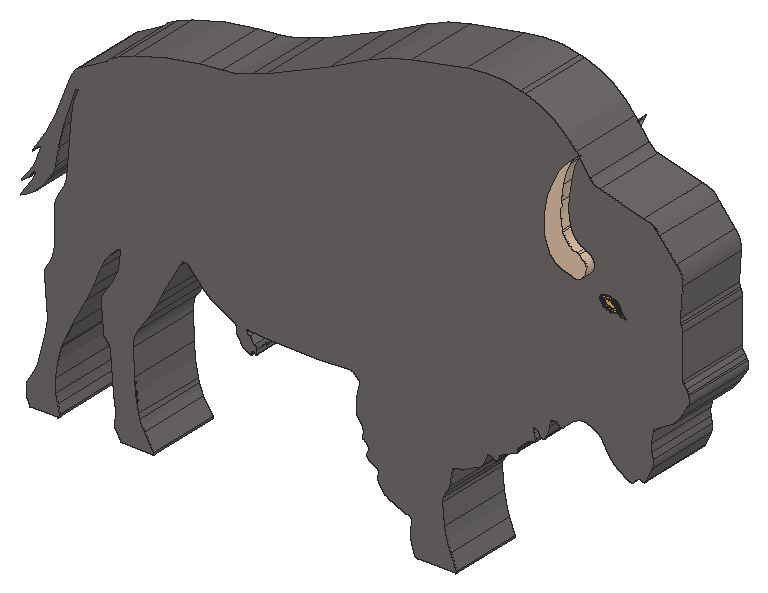
Revit family (continued)
Automatic sketch dimensions
  Extrusion 1 sketch curve to plane 3 "Center (Left/Right)" = 0' - 7.21734"
  Extrusion 1 sketch curve to Extrusion 1 sketch curve = 0' - 0.12269"
  Extrusion 1 sketch curve to Extrusion 1 sketch curve = 0' - 5.01333"
  Extrusion 1 sketch curve to Extrusion 1 sketch curve = 0' - 0.1039"
  Extrusion 1 sketch curve to Extrusion 1 sketch curve = 0' - 0.47545"
  Extrusion 1 sketch curve to Extrusion 1 sketch curve = 0' - 0.24148"
  Extrusion 1 sketch curve to Extrusion 1 sketch curve = 0' - 0.17678"  (x2)
  Extrusion 1 sketch curve to Extrusion 1 sketch curve = 0' - 0.94063"
  Extrusion 1 sketch curve to Extrusion 1 sketch curve = 0' - 0.5007"
  Extrusion 1 sketch curve to Extrusion 1 sketch curve = 0' - 0.26166"
  Extrusion 1 sketch curve to Extrusion 1 sketch curve = 0' - 0.05428"
  Extrusion 1 sketch curve to Extrusion 1 sketch curve = 0' - 0.07677"
  Extrusion 1 sketch curve to Extrusion 1 sketch curve = 0' - 2.28114"
  Extrusion 1 sketch curve to Extrusion 1 sketch curve = 0' - 2.56117"
  Extrusion 1 sketch curve to plane 3 "Center (Left/Right)" = 0' - 1.47412"
  plane 3 "Center (Left/Right)" to Extrusion 1 sketch curve = 0' - 0.44205"
  plane 3 "Center (Left/Right)" to Extrusion 1 sketch curve = 0' - 3.96475"
  Extrusion 1 sketch curve to plane 4 = 0' - 1.87493"
  plane 3 "Center (Left/Right)" to Extrusion 1 sketch curve = 0' - 5.57679"
  Extrusion 1 sketch curve to Extrusion 1 sketch curve = 0' - 5.09944"
  Extrusion 1 sketch curve to Extrusion 1 sketch curve = 0' - 0.06135"
  Extrusion 1 sketch curve to Extrusion 1 sketch curve = 0' - 0.68327"
  Extrusion 1 sketch curve to Extrusion 1 sketch curve = 0' - 0.74958"
  Extrusion 1 sketch curve to Extrusion 1 sketch curve = 0' - 0.18947"
  Extrusion 1 sketch curve to Extrusion 1 sketch curve = 0' - 0.03345"
  Extrusion 1 sketch curve to Extrusion 1 sketch curve = 0' - 0.41534"
  Extrusion 1 sketch curve to Extrusion 1 sketch curve = 0' - 0.22732"
  Extrusion 1 sketch curve to Extrusion 1 sketch curve = 0' - 0.2597"
  Extrusion 1 sketch curve to Extrusion 1 sketch curve = 0' - 0.53033"
  Extrusion 1 sketch curve to Extrusion 1 sketch curve = 0' - 0.19411"  (x2)
  Extrusion 1 sketch curve to Extrusion 1 sketch curve = 0' - 0.71303"
  Extrusion 1 sketch curve to Extrusion 1 sketch curve = 0' - 0.74797"
  Extrusion 1 sketch curve to Extrusion 1 sketch curve = 0' - 0.10925"
  Extrusion 1 sketch curve to Extrusion 1 sketch curve = 0' - 0.13885"
  Extrusion 1 sketch curve to Extrusion 1 sketch curve = 0' - 1.1763"
  Extrusion 1 sketch curve to Extrusion 1 sketch curve = 0' - 0.4924"  (x2)
  Extrusion 1 sketch curve to Extrusion 1 sketch curve = 0' - 0.49637"
  Extrusion 1 sketch curve to Extrusion 1 sketch curve = 0' - 0.03524"
  Extrusion 1 sketch curve to Extrusion 1 sketch curve = 0' - 0.10574"
  Extrusion 1 sketch curve to Extrusion 1 sketch curve = 0' - 0.21201"
  Extrusion 1 sketch curve to Extrusion 1 sketch curve = 0' - 0.25135"
  plane 4 to Extrusion 1 sketch curve = 0' - 1.42039"
  Extrusion 1 sketch curve to Extrusion 1 sketch curve = 0' - 6.46742"
  Extrusion 1 sketch curve to Extrusion 1 sketch curve = 0' - 0.30144"
  Extrusion 1 sketch curve to Extrusion 1 sketch curve = 0' - 0.5017"  (x2)
  Extrusion 1 sketch curve to Extrusion 1 sketch curve = 0' - 0.92459"
  Extrusion 1 sketch curve to Extrusion 1 sketch curve = 0' - 0.16809"
  Extrusion 1 sketch curve to Extrusion 1 sketch curve = 0' - 0.33646"
  Extrusion 1 sketch curve to Extrusion 1 sketch curve = 0' - 0.24361"
  level to Extrusion 1 sketch curve = 0' - 8.93947"
  Extrusion 1 sketch curve to Extrusion 1 sketch curve = 0' - 0.1351"
  Extrusion 1 sketch curve to Extrusion 1 sketch curve = 0' - 0.39234"
  Extrusion 1 sketch curve to Extrusion 1 sketch curve = 0' - 0.80314"
  Extrusion 1 sketch curve to Extrusion 1 sketch curve = 0' - 2.47795"
  Extrusion 1 sketch curve to Extrusion 1 sketch curve = 0' - 0.86626"
  level to Extrusion 1 sketch curve = 0' - 7.20323"
  Extrusion 1 sketch curve to Extrusion 1 sketch curve = 0' - 0.5948"
  Extrusion 1 sketch curve to Extrusion 1 sketch curve = 0' - 0.63393"
  Extrusion 1 sketch curve to Extrusion 1 sketch curve = 0' - 5.19267"
  Extrusion 1 sketch curve to Extrusion 1 sketch curve = 0' - 2.57738"
  Extrusion 1 sketch curve to Extrusion 1 sketch curve = 0' - 0.48469"
  Extrusion 1 sketch curve to Extrusion 1 sketch curve = 0' - 0.35087"
  level to Extrusion 1 sketch curve = 0' - 3.53458"
  Extrusion 1 sketch curve to Extrusion 1 sketch curve = 0' - 0.33924"
  Extrusion 1 sketch curve to Extrusion 1 sketch curve = 0' - 0.15134"
  level to Extrusion 1 sketch curve = 0' - 5.35035"
  Extrusion 1 sketch curve to Extrusion 1 sketch curve = 0' - 0.4981"
  plane 4 to Extrusion 1 sketch curve = 0' - 3.9257"
  Extrusion 1 sketch curve to Extrusion 1 sketch curve = 0' - 7.07477"
  level to Extrusion 1 sketch curve = 0' - 0.74118"
  Extrusion 1 sketch curve to Extrusion 1 sketch curve = 0' - 0.28497"
  Extrusion 1 sketch curve to Extrusion 1 sketch curve = 0' - 0.96593"
  Extrusion 1 sketch curve to Extrusion 1 sketch curve = 0' - 4.35769"
  Extrusion 1 sketch curve to Extrusion 1 sketch curve = 0' - 3.57873"
  Extrusion 1 sketch curve to Extrusion 1 sketch curve = 0' - 1.60055"
  Extrusion 1 sketch curve to Extrusion 1 sketch curve = 0' - 0.18309"
  level to Extrusion 1 sketch curve = 0' - 6.3762"
  Extrusion 1 sketch curve to Extrusion 1 sketch curve = 0' - 0.64183"
  level to Extrusion 1 sketch curve = 0' - 11.42145"
  Extrusion 1 sketch curve to Extrusion 1 sketch curve = 0' - 0.54849"
  Extrusion 1 sketch curve to plane 4 = 2' - 0.19605"
  level to Extrusion 1 sketch curve = 1' - 0.40119"
  Extrusion 1 sketch curve to Extrusion 1 sketch curve = 0' - 0.37609"
  Extrusion 1 sketch curve to Extrusion 1 sketch curve = 0' - 1.24315"
  level to Extrusion 1 sketch curve = 0' - 2.73015"
  Extrusion 1 sketch curve to Extrusion 1 sketch curve = 0' - 1.55089"
  Extrusion 1 sketch curve to Extrusion 1 sketch curve = 0' - 0.45786"
  Extrusion 1 sketch curve to Extrusion 1 sketch curve = 0' - 0.06232"
  level to Extrusion 1 sketch curve = 1' - 3.35179"
  Extrusion 1 sketch curve to Extrusion 1 sketch curve = 0' - 0.34182"
  Extrusion 1 sketch curve to Extrusion 1 sketch curve = 0' - 0.09148"
  Extrusion 1 sketch curve to Extrusion 1 sketch curve = 0' - 0.83025"
  level to Extrusion 1 sketch curve = 0' - 0.25294"
  Extrusion 1 sketch curve to Extrusion 1 sketch curve = 0' - 0.17061"
  level to Extrusion 1 sketch curve = 1' - 3.52155"
  Extrusion 1 sketch curve to Extrusion 1 sketch curve = 0' - 0.79866"
  level to Extrusion 1 sketch curve = 1' - 3.93305"
  Extrusion 1 sketch curve to Extrusion 1 sketch curve = 0' - 1.19509"
  plane 4 to Extrusion 1 sketch curve = 0' - 5.8292"
  Extrusion 1 sketch curve to Extrusion 1 sketch curve = 0' - 8.95528"
  Extrusion 1 sketch curve to Extrusion 1 sketch curve = 0' - 1.66242"
  Extrusion 1 sketch curve to Extrusion 1 sketch curve = 0' - 0.52784"
  level to Extrusion 1 sketch curve = 1' - 5.57467"
  Extrusion 1 sketch curve to Extrusion 1 sketch curve = 0' - 0.56344"
  Extrusion 1 sketch curve to Extrusion 1 sketch curve = 0' - 0.73022"
  Extrusion 1 sketch curve to Extrusion 1 sketch curve = 0' - 0.31337"
  Extrusion 1 sketch curve to Extrusion 1 sketch curve = 0' - 0.14613"  (x2)
  Extrusion 1 sketch curve to Extrusion 1 sketch curve = 0' - 7.08407"
  Extrusion 1 sketch curve to Extrusion 1 sketch curve = 0' - 0.89068"
  Extrusion 1 sketch curve to Extrusion 1 sketch curve = 0' - 0.07247"
  level to Extrusion 1 sketch curve = 1' - 6.97549"
  Extrusion 1 sketch curve to Extrusion 1 sketch curve = 0' - 0.15542"
  Extrusion 1 sketch curve to Extrusion 1 sketch curve = 0' - 0.30614"
  level to Extrusion 1 sketch curve = 1' - 8.10819"
  Extrusion 1 sketch curve to Extrusion 1 sketch curve = 0' - 0.46794"
  Extrusion 1 sketch curve to Extrusion 1 sketch curve = 0' - 2.15576"
  Extrusion 1 sketch curve to Extrusion 1 sketch curve = 0' - 0.90631"
  Extrusion 1 sketch curve to Extrusion 1 sketch curve = 0' - 2.44392"
  Extrusion 1 sketch curve to Extrusion 1 sketch curve = 0' - 0.06965"
  Extrusion 1 sketch curve to Extrusion 1 sketch curve = 0' - 0.15888"
  Extrusion 1 sketch curve to Extrusion 1 sketch curve = 0' - 0.15132"
  Extrusion 1 sketch curve to Extrusion 1 sketch curve = 0' - 0.14327"
  plane 4 to Extrusion 1 sketch curve = 0' - 5.67413"
  Extrusion 1 sketch curve to Extrusion 1 sketch curve = 0' - 8.88421"
  Extrusion 1 sketch curve to Extrusion 1 sketch curve = 0' - 0.51663"
  plane 4 to Extrusion 1 sketch curve = 0' - 5.4533"
  Extrusion 1 sketch curve to Extrusion 1 sketch curve = 0' - 0.88567"
  level to Extrusion 1 sketch curve = 0' - 7.78734"
  Extrusion 1 sketch curve to Extrusion 1 sketch curve = 0' - 1.42711"
  Extrusion 1 sketch curve to Extrusion 1 sketch curve = 0' - 0.88388"  (x2)
  Extrusion 1 sketch curve to Extrusion 1 sketch curve = 0' - 0.10099"
  Extrusion 1 sketch curve to Extrusion 1 sketch curve = 0' - 0.17351"
  Extrusion 1 sketch curve to Extrusion 1 sketch curve = 0' - 0.24454"  (x2)
  level to Extrusion 1 sketch curve = 2' - 1.85471"
  Extrusion 1 sketch curve to Extrusion 1 sketch curve = 0' - 0.19151"
  Extrusion 1 sketch curve to Extrusion 1 sketch curve = 0' - 0.90628"
  Extrusion 1 sketch curve to Extrusion 1 sketch curve = 0' - 0.2908"
  Extrusion 1 sketch curve to Extrusion 1 sketch curve = 0' - 0.32193"
  level to Extrusion 1 sketch curve = 2' - 1.17606"
  Extrusion 1 sketch curve to Extrusion 1 sketch curve = 0' - 0.13545"
  level to Extrusion 1 sketch curve = 2' - 2.95741"
  Extrusion 1 sketch curve to Extrusion 1 sketch curve = 0' - 0.6838"
  Extrusion 1 sketch curve to Extrusion 1 sketch curve = 0' - 0.13663"
  Extrusion 1 sketch curve to Extrusion 1 sketch curve = 0' - 0.26496"
  Extrusion 1 sketch curve to Extrusion 1 sketch curve = 0' - 0.67364"
  Extrusion 1 sketch curve to Extrusion 1 sketch curve = 0' - 0.33871"
  Extrusion 1 sketch curve to Extrusion 1 sketch curve = 0' - 0.41085"
  Extrusion 1 sketch curve to Extrusion 1 sketch curve = 0' - 6.36837"
  Extrusion 1 sketch curve to Extrusion 1 sketch curve = 0' - 1.80081"
  Extrusion 1 sketch curve to plane 4 = 0' - 0.0931"
  Extrusion 1 sketch curve to Extrusion 1 sketch curve = 0' - 8.22288"
  Extrusion 1 sketch curve to Extrusion 1 sketch curve = 0' - 1.34612"
  Extrusion 1 sketch curve to Extrusion 1 sketch curve = 0' - 0.66409"
  Extrusion 1 sketch curve to Extrusion 1 sketch curve = 0' - 2.02792"
  Extrusion 1 sketch curve to plane 4 = 0' - 3.14471"
  Extrusion 1 sketch curve to Extrusion 1 sketch curve = 0' - 2.21712"
  Extrusion 1 sketch curve to Extrusion 1 sketch curve = 0' - 0.94015"
  Extrusion 1 sketch curve to plane 4 = 0' - 4.19661"
  Extrusion 1 sketch curve to Extrusion 1 sketch curve = 0' - 1.55951"
  Extrusion 1 sketch curve to plane 4 = 1' - 8.40025"
  Extrusion 1 sketch curve to Extrusion 1 sketch curve = 0' - 0.04326"
  Extrusion 1 sketch curve to Extrusion 1 sketch curve = 0' - 0.01308"
  Extrusion 1 sketch curve to Extrusion 1 sketch curve = 0' - 0.23226"
  Extrusion 1 sketch curve to plane 4 = 1' - 7.77376"
  Extrusion 1 sketch curve to Extrusion 1 sketch curve = 0' - 0.23549"
  level to Extrusion 1 sketch curve = 2' - 3.99762"
  Extrusion 1 sketch curve to Extrusion 1 sketch curve = 0' - 1.56403"
  Extrusion 1 sketch curve to plane 4 = 1' - 9.15025"
  Extrusion 1 sketch curve to Extrusion 1 sketch curve = 0' - 0.50183"
  Extrusion 1 sketch curve to plane 4 = 0' - 1.5283"
  Extrusion 1 sketch curve to Extrusion 1 sketch curve = 0' - 0.61794"
  Extrusion 1 sketch curve to Extrusion 1 sketch curve = 0' - 0.43331"
  Extrusion 1 sketch curve to Extrusion 1 sketch curve = 0' - 0.76905"
  Extrusion 1 sketch curve to Extrusion 1 sketch curve = 0' - 0.12979"
  Extrusion 1 sketch curve to plane 4 = 1' - 7.36206"
  Extrusion 1 sketch curve to Extrusion 1 sketch curve = 0' - 0.40081"
  Extrusion 1 sketch curve to Extrusion 1 sketch curve = 0' - 0.34987"
  Extrusion 1 sketch curve to Extrusion 1 sketch curve = 0' - 1.08997"
  Extrusion 1 sketch curve to Extrusion 1 sketch curve = 0' - 0.75064"
  Extrusion 1 sketch curve to Extrusion 1 sketch curve = 0' - 0.56644"
  Extrusion 1 sketch curve to plane 4 = 1' - 7.47839"
  Extrusion 1 sketch curve to Extrusion 1 sketch curve = 0' - 0.05203"
  Extrusion 1 sketch curve to Extrusion 1 sketch curve = 0' - 0.06832"
  Extrusion 1 sketch curve to plane 4 = 1' - 9.67875"
  Extrusion 1 sketch curve to Extrusion 1 sketch curve = 0' - 0.65214"
  Extrusion 1 sketch curve to Extrusion 1 sketch curve = 0' - 0.50779"
  Extrusion 1 sketch curve to Extrusion 1 sketch curve = 0' - 0.28058"
  Extrusion 1 sketch curve to Extrusion 1 sketch curve = 0' - 0.29051"
  Extrusion 1 sketch curve to Extrusion 1 sketch curve = 0' - 1.44877"
  Extrusion 1 sketch curve to plane 4 = 1' - 8.39533"
  Extrusion 1 sketch curve to Extrusion 1 sketch curve = 0' - 0.64443"
  Extrusion 1 sketch curve to plane 4 = 1' - 8.62968"
  Extrusion 1 sketch curve to Extrusion 1 sketch curve = 0' - 0.08529"
  Extrusion 1 sketch curve to Extrusion 1 sketch curve = 0' - 0.92598"
  Extrusion 1 sketch curve to plane 4 = 1' - 9.23554"
  Extrusion 1 sketch curve to Extrusion 1 sketch curve = 0' - 0.14228"
  Extrusion 1 sketch curve to Extrusion 1 sketch curve = 0' - 0.55206"
  Extrusion 1 sketch curve to Extrusion 1 sketch curve = 0' - 0.04557"
  Extrusion 1 sketch curve to plane 4 = 1' - 9.8697"
  Extrusion 1 sketch curve to Extrusion 1 sketch curve = 0' - 0.07676"
  Extrusion 1 sketch curve to Extrusion 1 sketch curve = 0' - 1.79947"
  Extrusion 1 sketch curve to Extrusion 1 sketch curve = 0' - 0.37656"
  Extrusion 1 sketch curve to Extrusion 1 sketch curve = 0' - 1.8929"
  Extrusion 1 sketch curve to Extrusion 1 sketch curve = 0' - 0.16999"
  Extrusion 1 sketch curve to Extrusion 1 sketch curve = 0' - 0.50247"
  Extrusion 1 sketch curve to Extrusion 1 sketch curve = 0' - 0.77429"
  Extrusion 1 sketch curve to Extrusion 1 sketch curve = 0' - 0.66177"
  Extrusion 1 sketch curve to Extrusion 1 sketch curve = 0' - 0.25133"
  Extrusion 1 sketch curve to Extrusion 1 sketch curve = 0' - 1.34711"
  level to Extrusion 1 sketch curve = 2' - 0.41761"
  Extrusion 1 sketch curve to Extrusion 1 sketch curve = 0' - 0.15021"
  level to Extrusion 1 sketch curve = 2' - 0.26011"
  Extrusion 1 sketch curve to Extrusion 1 sketch curve = 0' - 0.33777"
  Extrusion 1 sketch curve to plane 4 = 0' - 6.01417"
  Extrusion 1 sketch curve to Extrusion 1 sketch curve = 0' - 1.24243"
  Extrusion 1 sketch curve to Extrusion 1 sketch curve = 0' - 0.15993"
  Extrusion 1 sketch curve to Extrusion 1 sketch curve = 0' - 0.34298"
  Extrusion 1 sketch curve to Extrusion 1 sketch curve = 0' - 1.857"
  Extrusion 1 sketch curve to Extrusion 1 sketch curve = 0' - 0.02331"
  level to Extrusion 1 sketch curve = 2' - 2.72584"
  Extrusion 1 sketch curve to Extrusion 1 sketch curve = 0' - 1.9538"
  Extrusion 1 sketch curve to Extrusion 1 sketch curve = 0' - 0.22836"
  Extrusion 1 sketch curve to Extrusion 1 sketch curve = 0' - 0.29875"
  Extrusion 1 sketch curve to Extrusion 1 sketch curve = 0' - 0.31123"
  level to Extrusion 1 sketch curve = 2' - 8.67602"
  Extrusion 1 sketch curve to Extrusion 1 sketch curve = 0' - 0.28591"
  Extrusion 1 sketch curve to Extrusion 1 sketch curve = 0' - 3.47416"
  Extrusion 1 sketch curve to Extrusion 1 sketch curve = 0' - 0.59937"
  Extrusion 1 sketch curve to Extrusion 1 sketch curve = 0' - 2.69172"
  Extrusion 1 sketch curve to Extrusion 1 sketch curve = 0' - 5.75838"
  level to Extrusion 1 sketch curve = 2' - 10.08677"
  Extrusion 1 sketch curve to Extrusion 1 sketch curve = 0' - 2.34788"
  Extrusion 1 sketch curve to Extrusion 1 sketch curve = 0' - 3.08206"
  Extrusion 1 sketch curve to Extrusion 1 sketch curve = 0' - 2.53622"
  Extrusion 1 sketch curve to Extrusion 1 sketch curve = 0' - 3.16032"
  Extrusion 1 sketch curve to Extrusion 1 sketch curve = 0' - 1.06979"
  Extrusion 1 sketch curve to Extrusion 1 sketch curve = 0' - 1.71101"
  Extrusion 1 sketch curve to plane 4 = 1' - 6.46066"
  Extrusion 1 sketch curve to Extrusion 1 sketch curve = 0' - 2.28339"
  Extrusion 1 sketch curve to Extrusion 1 sketch curve = 0' - 0.11137"
  Extrusion 1 sketch curve to Extrusion 1 sketch curve = 0' - 0.12585"
  Extrusion 1 sketch curve to Extrusion 1 sketch curve = 0' - 0.95513"
  Extrusion 1 sketch curve to Extrusion 1 sketch curve = 0' - 0.64458"
  Extrusion 1 sketch curve to Extrusion 1 sketch curve = 0' - 0.11798"
  Extrusion 1 sketch curve to Extrusion 1 sketch curve = 0' - 0.46925"
  Extrusion 1 sketch curve to Extrusion 1 sketch curve = 0' - 0.58059"
  Extrusion 1 sketch curve to plane 4 = 2' - 7.18554"
  Extrusion 1 sketch curve to Extrusion 1 sketch curve = 0' - 1.48408"
  Extrusion 1 sketch curve to Extrusion 1 sketch curve = 0' - 0.30068"
  Extrusion 1 sketch curve to Extrusion 1 sketch curve = 0' - 0.11197"
  Extrusion 1 sketch curve to Extrusion 1 sketch curve = 0' - 1.91976"
  Extrusion 1 sketch curve to Extrusion 1 sketch curve = 0' - 0.34735"
  Extrusion 1 sketch curve to Extrusion 1 sketch curve = 0' - 0.61774"
  Extrusion 1 sketch curve to Extrusion 1 sketch curve = 0' - 1.06352"
  Extrusion 1 sketch curve to Extrusion 1 sketch curve = 0' - 0.32188"
  Extrusion 1 sketch curve to Extrusion 1 sketch curve = 0' - 2.37437"
  level to Extrusion 1 sketch curve = 0' - 3.1375"
  Extrusion 1 sketch curve to Extrusion 1 sketch curve = 0' - 0.69216"
  Extrusion 1 sketch curve to Extrusion 1 sketch curve = 0' - 0.04358"
  Extrusion 1 sketch curve to Extrusion 1 sketch curve = 0' - 0.84871"
  Extrusion 1 sketch curve to Extrusion 1 sketch curve = 0' - 0.10745"
  Extrusion 1 sketch curve to Extrusion 1 sketch curve = 0' - 2.41175"
  Extrusion 1 sketch curve to Extrusion 1 sketch curve = 0' - 0.4991"
  Extrusion 1 sketch curve to Extrusion 1 sketch curve = 0' - 0.46777"
  Extrusion 1 sketch curve to Extrusion 1 sketch curve = 0' - 1.67083"
  Extrusion 1 sketch curve to Extrusion 1 sketch curve = 0' - 0.13066"
  Extrusion 1 sketch curve to Extrusion 1 sketch curve = 0' - 0.3821"
  Extrusion 1 sketch curve to Extrusion 1 sketch curve = 0' - 0.84349"
  Extrusion 1 sketch curve to Extrusion 1 sketch curve = 0' - 0.06918"
  Extrusion 1 sketch curve to Extrusion 1 sketch curve = 0' - 0.15689"
  Extrusion 1 sketch curve to Extrusion 1 sketch curve = 0' - 0.6474"
  Extrusion 1 sketch curve to Extrusion 1 sketch curve = 0' - 0.87694"
  Extrusion 1 sketch curve to Extrusion 1 sketch curve = 0' - 1.26962"
  Extrusion 1 sketch curve to Extrusion 1 sketch curve = 0' - 0.65164"
  Extrusion 1 sketch curve to Extrusion 1 sketch curve = 0' - 0.0872"
  Extrusion 1 sketch curve to Extrusion 1 sketch curve = 0' - 0.18836"
  Extrusion 1 sketch curve to Extrusion 1 sketch curve = 0' - 0.85346"
  Extrusion 1 sketch curve to Extrusion 1 sketch curve = 0' - 0.47121"
  Extrusion 1 sketch curve to Extrusion 1 sketch curve = 0' - 0.43037"
  Extrusion 1 sketch curve to Extrusion 1 sketch curve = 0' - 0.15705"
  Extrusion 1 sketch curve to Extrusion 1 sketch curve = 0' - 0.61961"
  Extrusion 1 sketch curve to Extrusion 1 sketch curve = 0' - 0.15115"
  Extrusion 1 sketch curve to Extrusion 1 sketch curve = 0' - 0.57336"
  Extrusion 1 sketch curve to Extrusion 1 sketch curve = 0' - 0.97207"
  Extrusion 1 sketch curve to Extrusion 1 sketch curve = 0' - 3.33396"
  Extrusion 1 sketch curve to Extrusion 1 sketch curve = 0' - 0.08295"
  Extrusion 1 sketch curve to Extrusion 1 sketch curve = 0' - 2.42554"
  Extrusion 1 sketch curve to Extrusion 1 sketch curve = 0' - 0.10196"
  Extrusion 1 sketch curve to Extrusion 1 sketch curve = 0' - 0.89879"
  Extrusion 1 sketch curve to Extrusion 1 sketch curve = 0' - 1.57237"
  Extrusion 1 sketch curve to Extrusion 1 sketch curve = 0' - 1.42455"
  Extrusion 1 sketch curve to Extrusion 1 sketch curve = 0' - 2.27163"
  Extrusion 1 sketch curve to Extrusion 1 sketch curve = 0' - 2.06884"
  Extrusion 1 sketch curve to Extrusion 1 sketch curve = 0' - 0.07713"
  Extrusion 1 sketch curve to Extrusion 1 sketch curve = 0' - 0.23819"
  Extrusion 1 sketch curve to Extrusion 1 sketch curve = 0' - 0.08488"
  Extrusion 1 sketch curve to Extrusion 1 sketch curve = 0' - 0.0647"
  Extrusion 1 sketch curve to Extrusion 1 sketch curve = 0' - 0.54953"
  Extrusion 1 sketch curve to Extrusion 1 sketch curve = 0' - 1.22595"
  Extrusion 1 sketch curve to Extrusion 1 sketch curve = 0' - 0.55515"
  Extrusion 1 sketch curve to Extrusion 1 sketch curve = 0' - 0.67521"
  Extrusion 1 sketch curve to Extrusion 1 sketch curve = 0' - 0.21295"
  Extrusion 1 sketch curve to Extrusion 1 sketch curve = 0' - 1.15361"
  Extrusion 1 sketch curve to Extrusion 1 sketch curve = 0' - 2.37382"
  Extrusion 1 sketch curve to Extrusion 1 sketch curve = 0' - 2.39889"
  Extrusion 1 sketch curve to Extrusion 1 sketch curve = 0' - 0.78074"
  Extrusion 1 sketch curve to Extrusion 1 sketch curve = 0' - 0.90854"
  Extrusion 1 sketch curve to Extrusion 1 sketch curve = 0' - 1.26625"
  Extrusion 1 sketch curve to Extrusion 1 sketch curve = 0' - 1.95548"
  Extrusion 1 sketch curve to Extrusion 1 sketch curve = 0' - 0 145/256"
  Extrusion 1 sketch curve to Extrusion 1 sketch curve = 0' - 0.66337"
  Extrusion 1 sketch curve to Extrusion 1 sketch curve = 0' - 0.52079"
  Extrusion 1 sketch curve to Extrusion 1 sketch curve = 0' - 0.504"
  Extrusion 1 sketch curve to Extrusion 1 sketch curve = 0' - 0.40582"
  Extrusion 1 sketch curve to Extrusion 1 sketch curve = 0' - 0.62192"
  Extrusion 1 sketch curve to Extrusion 1 sketch curve = 0' - 0.83273"
  Extrusion 1 sketch curve to Extrusion 1 sketch curve = 0' - 0.10015"
  Extrusion 1 sketch curve to Extrusion 1 sketch curve = 0' - 0.22592"
  Extrusion 1 sketch curve to Extrusion 1 sketch curve = 0' - 0.04435"
  Extrusion 1 sketch curve to Extrusion 1 sketch curve = 0' - 0.25274"
  Extrusion 1 sketch curve to Extrusion 1 sketch curve = 0' - 0.32213"
  Extrusion 1 sketch curve to Extrusion 1 sketch curve = 0' - 1.87746"
  Extrusion 1 sketch curve to Extrusion 1 sketch curve = 0' - 0.18305"
  Extrusion 1 sketch curve to Extrusion 1 sketch curve = 0' - 1 209/256"
  Extrusion 1 sketch curve to Extrusion 1 sketch curve = 0' - 1.12443"
  Extrusion 1 sketch curve to Extrusion 1 sketch curve = 0' - 0.25961"
  Extrusion 1 sketch curve to Extrusion 1 sketch curve = 0' - 0.21676"
  Extrusion 1 sketch curve to Extrusion 1 sketch curve = 0' - 1.23967"
  Extrusion 1 sketch curve to Extrusion 1 sketch curve = 0' - 0.21267"
  Extrusion 1 sketch curve to Extrusion 1 sketch curve = 0' - 1.47428"
  Extrusion 1 sketch curve to Extrusion 1 sketch curve = 0' - 1.51531"
  Extrusion 1 sketch curve to Extrusion 1 sketch curve = 0' - 0 49/128"
  Extrusion 1 sketch curve to Extrusion 1 sketch curve = 0' - 2.06887"
  Extrusion 1 sketch curve to Extrusion 1 sketch curve = 0' - 1.12546"
  Extrusion 1 sketch curve to Extrusion 1 sketch curve = 0' - 0.82683"
  Extrusion 1 sketch curve to Extrusion 1 sketch curve = 0' - 0.68804"
  Extrusion 1 sketch curve to Extrusion 1 sketch curve = 0' - 0.00309"
  Extrusion 1 sketch curve to Extrusion 1 sketch curve = 0' - 0.05241"
  Extrusion 1 sketch curve to Extrusion 1 sketch curve = 0' - 0.08682"
  Extrusion 1 sketch curve to Extrusion 1 sketch curve = 0' - 1.50838"
  Extrusion 1 sketch curve to Extrusion 1 sketch curve = 0' - 0.02179"
  Extrusion 1 sketch curve to Extrusion 1 sketch curve = 0' - 1.07435"
  Extrusion 1 sketch curve to Extrusion 1 sketch curve = 0' - 1.60424"
  Extrusion 1 sketch curve to Extrusion 1 sketch curve = 0' - 0.21054"
  Extrusion 1 sketch curve to Extrusion 1 sketch curve = 0' - 0.72769"
  Extrusion 1 sketch curve to Extrusion 1 sketch curve = 0' - 0.2796"
  Extrusion 1 sketch curve to Extrusion 1 sketch curve = 0' - 5.33864"
  Extrusion 1 sketch curve to Extrusion 1 sketch curve = 0' - 0.05586"
  Extrusion 1 sketch curve to Extrusion 1 sketch curve = 0' - 0.48012"
  Extrusion 1 sketch curve to Extrusion 1 sketch curve = 0' - 0.52169"
  Extrusion 1 sketch curve to Extrusion 1 sketch curve = 0' - 1 101/128"
  Extrusion 1 sketch curve to Extrusion 1 sketch curve = 0' - 0.0512"
  Extrusion 1 sketch curve to Extrusion 1 sketch curve = 0' - 0.2207"
  Extrusion 1 sketch curve to Extrusion 1 sketch curve = 0' - 0.31542"
  Extrusion 1 sketch curve to Extrusion 1 sketch curve = 0' - 0.93947"
  Extrusion 1 sketch curve to Extrusion 1 sketch curve = 0' - 1.69541"
  Extrusion 1 sketch curve to Extrusion 1 sketch curve = 0' - 0.24641"
  Extrusion 1 sketch curve to Extrusion 1 sketch curve = 0' - 0.17566"
  Extrusion 1 sketch curve to Extrusion 1 sketch curve = 0' - 0.29692"
  Extrusion 1 sketch curve to Extrusion 1 sketch curve = 0' - 0.32659"
  Extrusion 1 sketch curve to Extrusion 1 sketch curve = 0' - 0.0448"
  Extrusion 1 sketch curve to Extrusion 1 sketch curve = 0' - 1.03723"
  Extrusion 1 sketch curve to Extrusion 1 sketch curve = 0' - 1.34174"
  Extrusion 1 sketch curve to Extrusion 1 sketch curve = 0' - 1.6814"
  Extrusion 1 sketch curve to Extrusion 1 sketch curve = 0' - 1.24976"
  Extrusion 1 sketch curve to Extrusion 1 sketch curve = 0' - 6.66012"
  Extrusion 1 sketch curve to Extrusion 1 sketch curve = 0' - 1.26316"
  Extrusion 1 sketch curve to Extrusion 1 sketch curve = 0' - 0.90708"
  Extrusion 1 sketch curve to Extrusion 1 sketch curve = 0' - 0.88639"
  Extrusion 1 sketch curve to Extrusion 1 sketch curve = 0' - 0.0544"
  Extrusion 1 sketch curve to Extrusion 1 sketch curve = 0' - 0.04097"
  Extrusion 1 sketch curve to Extrusion 1 sketch curve = 0' - 0.30764"
  Extrusion 1 sketch curve to Extrusion 1 sketch curve = 0' - 3.04423"
  Extrusion 1 sketch curve to Extrusion 1 sketch curve = 0' - 0.70131"
  Extrusion 1 sketch curve to Extrusion 1 sketch curve = 0' - 1.92274"
  Extrusion 1 sketch curve to Extrusion 1 sketch curve = 0' - 7.48054"
  Extrusion 1 sketch curve to Extrusion 1 sketch curve = 0' - 1.71248"
  Extrusion 1 sketch curve to Extrusion 1 sketch curve = 0' - 2.0583"
  Extrusion 1 sketch curve to Extrusion 1 sketch curve = 0' - 1.30709"
  Extrusion 1 sketch curve to Extrusion 1 sketch curve = 0' - 0.15366"
  Extrusion 1 sketch curve to Extrusion 1 sketch curve = 0' - 0.5059"
  Extrusion 1 sketch curve to Extrusion 1 sketch curve = 0' - 0.01708"
  Extrusion 1 sketch curve to Extrusion 1 sketch curve = 0' - 0.31029"
  Extrusion 1 sketch curve to Extrusion 1 sketch curve = 0' - 0.49676"
  Extrusion 1 sketch curve to Extrusion 1 sketch curve = 0' - 2.05565"
  Extrusion 1 sketch curve to Extrusion 1 sketch curve = 0' - 0.36005"
  Extrusion 1 sketch curve to Extrusion 1 sketch curve = 0' - 0.1554"
  Extrusion 1 sketch curve to Extrusion 1 sketch curve = 0' - 0.2795"
  Extrusion 1 sketch curve to Extrusion 1 sketch curve = 0' - 0.09564"
  Extrusion 1 sketch curve to Extrusion 1 sketch curve = 0' - 0.34578"
  Extrusion 1 sketch curve to Extrusion 1 sketch curve = 0' - 4.177"
  Extrusion 1 sketch curve to Extrusion 1 sketch curve = 0' - 0.69008"
  Extrusion 1 sketch curve to Extrusion 1 sketch curve = 0' - 0.04444"
  Extrusion 1 sketch curve to Extrusion 1 sketch curve = 0' - 4.60679"
  Extrusion 1 sketch curve to Extrusion 1 sketch curve = 0' - 0.28778"
  Extrusion 1 sketch curve to Extrusion 1 sketch curve = 0' - 2.56881"
  Extrusion 1 sketch curve to Extrusion 1 sketch curve = 0' - 0.37844"
  Extrusion 1 sketch curve to Extrusion 1 sketch curve = 0' - 1.20359"
  Extrusion 1 sketch curve to Extrusion 1 sketch curve = 0' - 0.87565"
